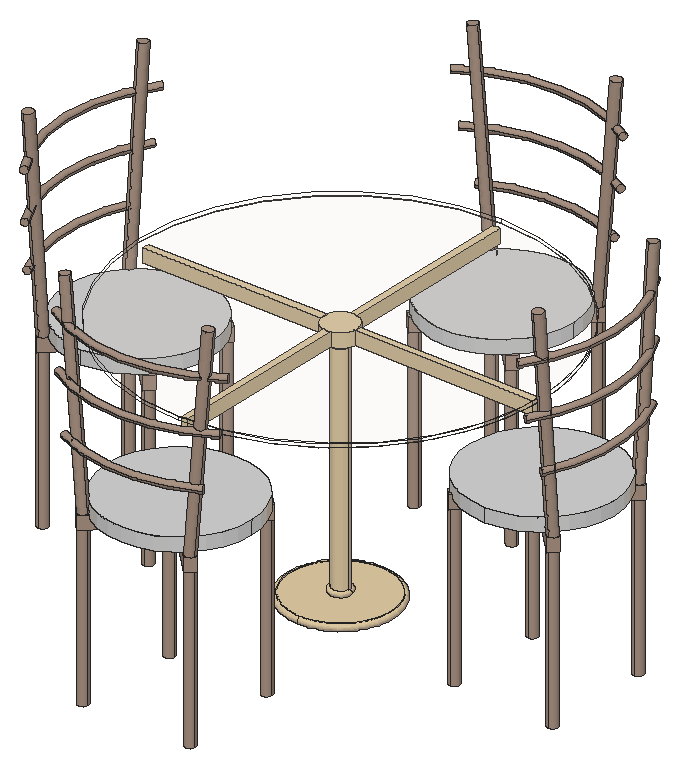
Revit family
Parameters (values of type "1200 mm dia")
  t1 = Table Dining-Circular (NZ) : 1200 mm dia
  r1 = 600 mm
  Assembly Code = ""
Types (2, lengths in mm): name | t1 | r1
  1200 mm dia | Table Dining-Circular (NZ) : 1200 mm dia | 600
  1000 mm dia | Table Dining-Circular (NZ) : 1000 mm dia | 500
Reference planes
  plane 1 "Center (Front/Back)": y = 0
  plane 2: z = 0
  plane 3 "Center (Left/Right)": x = 0
  plane 4: x = -600
  plane 5: y = 600
  plane 6: x = 600
  plane 7: y = -600
Dimensions and locks
  "r1": plane 3 "Center (Left/Right)" to plane 6
  "r1": plane 1 "Center (Front/Back)" to plane 5
  "r1": plane 4 to plane 3 "Center (Left/Right)"
  "r1": plane 7 to plane 1 "Center (Front/Back)"
  aligned and locked: plane 3 "Center (Left/Right)" to nested 2
  aligned and locked: plane 1 "Center (Front/Back)" to nested 5
  aligned and locked: nested 3 to plane 3 "Center (Left/Right)"
  aligned and locked: plane 7 to nested 3
  aligned and locked: plane 6 to nested 5
  aligned and locked: nested 2 to plane 5
  aligned and locked: nested 4 to plane 4
Nested families
  nested 1: "Table Dining-Circular (NZ)" at (0, 0, 0), type <- "t1", type "1200 mm dia"
  nested 2: "Chair 01 (NZ)" at (0, 600, 0), type "430 mm dia"
  nested 3: "Chair 01 (NZ)" at (0, -600, 0), type "430 mm dia"
  nested 4: "Chair 01 (NZ)" at (-600, 0, 0) x (0, 1, 0) z (0, 0, 1), type "430 mm dia"
  nested 5: "Chair 01 (NZ)" at (600, 0, 0) x (0, 1, 0) z (0, 0, 1), type "430 mm dia"
Definition of nested family "Table Dining-Circular (NZ)"
  Parameters (values of type "1200 mm dia")
    Top Material = Glass - Top
    Base Material = Wood
    Height = 750 mm
    Diameter-Base = 300 mm
    Diameter-Glass = 1200 mm
  Types (3, lengths in mm): name | Diameter-Glass
    (no name) | 1200
    1000 mm dia | 1000
    1200 mm dia | 1200
  Reference planes
    plane 1 "Center (Front/Back)": y = 0
    plane 2: z = 0
    plane 3 "Center (Left/Right)": x = 0
    plane 4: x = -600
    plane 5: x = 600
    plane 6: y = 600
    plane 7: y = -600
    plane 8: z = 750
    plane 9: y = 150
    plane 10: y = -150
    plane 11: x = -150
    plane 12: x = 150
    plane 13 "Mask Level": z = 650
  Forms (mm)
    Extrusion 1, solid, material "Glass - Top" <- "Top Material"
      sketch origin (0, 0, 750) x (0, 1, 0) y (-1, 0, 0)
        loop
          circle (0, 0) r 600
      from 0 to -12
    Extrusion 2, solid, material "Wood" <- "Base Material"
      sketch origin (0, 0, 750) x (0, 1, 0) y (-1, 0, 0)
        loop
          circle (0, 0) r 50
      from -12 to -52
    Extrusion 3, solid, material "Wood" <- "Base Material"
      sketch origin (0, 0, 0) x (1, 0, 0) y (0, 1, 0)
        loop
          circle (0, 0) r 150
      from 0 to 20
    Extrusion 4, solid, material "Wood" <- "Base Material"
      sketch origin (0, 0, 0) x (1, 0, 0) y (0, 1, 0)
        loop
          circle (0, 0) r 24.87
      from 20 to 698
    Sweep 5, solid, material "Wood" <- "Base Material"
      path in 3D
        loop
          arc (0, 150, 20) -> (150, 0, 20) -> (0, -150, 20) r 150
          arc (0, -150, 20) -> (-150, 0, 20) -> (0, 150, 20) r 150
      profile origin (0, 0, 0) x (-1, 0, 0) y (0, 0, 1)
        loop
          line (150, 20) -> (150, 0)
          arc (150, 0) -> (160, 10) -> (150, 20) r 10
    Sweep 6, solid, material "Wood" <- "Base Material"
      path in 3D
        loop
          arc (24.87, 0, 698) -> (0, -24.87, 698) -> (-24.87, 0, 698) r 24.87
          arc (-24.87, 0, 698) -> (0, 24.87, 698) -> (24.87, 0, 698) r 24.87
      profile origin (0, 0, 0) x (0, 1, 0) y (0, 0, 1)
        loop
          line (24.87, 698) -> (24.87, 682.551)
          arc (24.87, 682.551) -> (32.594, 690.275) -> (24.87, 698) r 7.725
    Sweep 7, solid, material "Wood" <- "Base Material"
      path in 3D
        loop
          arc (24.87, 0, 698) -> (0, -24.87, 698) -> (-24.87, 0, 698) r 24.87
          arc (-24.87, 0, 698) -> (0, 24.87, 698) -> (24.87, 0, 698) r 24.87
      profile origin (0, 0, 0) x (0, 1, 0) y (0, 0, 1)
        loop
          arc (24.87, 20) -> (32.582, 27.713) -> (24.87, 35.425) r 7.713
          line (24.87, 35.425) -> (24.87, 20)
    Extrusion 8, solid, material "Wood" <- "Base Material"
      sketch origin (0, 0, 750) x (0, 1, 0) y (-1, 0, 0)
        loop
          line (578.939, 10) -> (51.191, 10)
          arc (51.191, 10) -> (50.628, -0.029) -> (49.41, -10) r 153.253
          line (49.41, -10) -> (578.939, -10)
          arc (578.939, -10) -> (580, 0) -> (578.939, 10) r 47.662
      from -12 to -52
    Extrusion 9, solid, material "Wood" <- "Base Material"
      sketch origin (0, 0, 750) x (0, -1, 0) y (1, 0, 0)
        loop
          arc (578.939, -10) -> (580, 0) -> (578.939, 10) r 47.662
          line (578.939, 10) -> (48.09, 10)
          arc (48.09, 10) -> (48.365, -0.002) -> (47.987, -10) r 153.253
          line (47.987, -10) -> (578.939, -10)
      from -12 to -52
    Extrusion 10, solid, material "Wood" <- "Base Material"
      sketch origin (0, 0, 750) x (0, 1, 0) y (-1, 0, 0)
        loop
          line (10, -579.456) -> (10, -47.535)
          arc (10, -47.535) -> (0.004, -48.047) -> (-10, -47.72) r 119.448
          line (-10, -47.72) -> (-10, -579.456)
          arc (-10, -579.456) -> (0, -580.308) -> (10, -579.456) r 59.12
      from -12 to -52
    Extrusion 11, solid, material "Wood" <- "Base Material"
      sketch origin (0, 0, 750) x (0, 1, 0) y (-1, 0, 0)
        loop
          arc (10, 579.456) -> (0, 580.308) -> (-10, 579.456) r 59.12
          line (-10, 579.456) -> (-10, 49.853)
          arc (-10, 49.853) -> (0.012, 49.976) -> (10, 49.259) r 119.448
          line (10, 49.259) -> (10, 579.456)
      from -12 to -52
  Lines and regions (mm)
    Masking region 1
      outline origin (0, 0, 650) x (-1, 0, 0) y (0, -1, 0)
        loop
          circle (0, 0) r 600
    sketch lines
      curve 1: arc (0, -150, 20) -> (-150, 0, 20) -> (0, 150, 20) r 150
      curve 2: arc (0, 150, 20) -> (150, 0, 20) -> (0, -150, 20) r 150
      curve 3: arc (-24.87, 0, 698) -> (0, 24.87, 698) -> (24.87, 0, 698) r 24.87
      curve 4: arc (24.87, 0, 698) -> (0, -24.87, 698) -> (-24.87, 0, 698) r 24.87
      curve 5: arc (-24.87, 0, 698) -> (0, 24.87, 698) -> (24.87, 0, 698) r 24.87
      curve 6: arc (24.87, 0, 698) -> (0, -24.87, 698) -> (-24.87, 0, 698) r 24.87
    symbolic lines
      curve 7: arc (0, 600, 0) -> (-600, 0, 0) -> (0, -600, 0) r 600
      curve 8: arc (0, 600, 0) -> (-600, 0, 0) -> (0, -600, 0) r 600
      curve 9: arc (0, -600, 0) -> (600, 0, 0) -> (0, 600, 0) r 600
    symbolic lines, detail levels medium+fine
      curve 10: arc (0, 150, 0) -> (-150, 0, 0) -> (0, -150, 0) r 150
      curve 11: arc (0, -150, 0) -> (150, 0, 0) -> (0, 150, 0) r 150
  Dimensions and locks
    equal spacing: plane 4, plane 3 "Center (Left/Right)", plane 5
    "Diameter-Glass": plane 4 to plane 5
    equal spacing: plane 7, plane 1 "Center (Front/Back)", plane 6
    "Diameter-Glass": plane 7 to plane 6
    equal spacing: plane 9, plane 1 "Center (Front/Back)", plane 10
    "Diameter-Base": plane 9 to plane 10
    equal spacing: plane 11, plane 3 "Center (Left/Right)", plane 12
    "Diameter-Base": plane 11 to plane 12
    "Height": plane 8 to level
    plane 8 to plane 13 "Mask Level" = 100 mm
    aligned and locked: plane 6 to Extrusion 1 sketch curve
    aligned and locked: plane 7 to Extrusion 1 sketch curve
    aligned and locked: plane 3 "Center (Left/Right)" to Extrusion 2 sketch curve
    aligned and locked: Extrusion 2 to Extrusion 1
    aligned and locked: Extrusion 4 to Extrusion 2
    aligned and locked: Extrusion 4 to Extrusion 3
    aligned and locked: Extrusion 3 to level
    aligned and locked: profile plane to Sweep 5 sketch curve
    aligned and locked: Extrusion 2 to Sweep 6 sketch curve
    aligned and locked: profile plane to Sweep 6 sketch curve
    aligned and locked: Sweep 7 sketch curve to Extrusion 4
    aligned and locked: Extrusion 8 sketch curve to Extrusion 8 sketch curve
    aligned and locked: Extrusion 9 sketch curve to Extrusion 9 sketch curve
    aligned and locked: Extrusion 11 to Extrusion 1
    aligned and locked: Extrusion 10 to Extrusion 1
    aligned and locked: Extrusion 10 to Extrusion 2
    aligned and locked: Extrusion 2 to Extrusion 11
    aligned and locked: Extrusion 8 to Extrusion 2
    aligned and locked: Extrusion 8 to Extrusion 1
    aligned and locked: Extrusion 2 to Extrusion 9
    aligned and locked: Extrusion 9 to Extrusion 1
    aligned and locked: curve 7 to Extrusion 1
  Automatic sketch dimensions
    Extrusion 1 sketch curve to plane 3 "Center (Left/Right)" = 0 mm
    Extrusion 2 sketch curve to plane 1 "Center (Front/Back)" = 0 mm
    Extrusion 4 sketch curve to plane 1 "Center (Front/Back)" = 0 mm
    Extrusion 4 sketch curve to plane 3 "Center (Left/Right)" = 0 mm
    Sweep 5 sketch curve to Sweep 5 sketch curve = 10 mm
    Sweep 6 sketch curve to Sweep 6 sketch curve = 7.725 mm
    Sweep 7 sketch curve to profile plane = 0 mm
    Sweep 7 sketch curve to Sweep 7 sketch curve = 7.713 mm
    Extrusion 8 sketch curve to plane 3 "Center (Left/Right)" = 0 mm
    plane 1 "Center (Front/Back)" to Extrusion 8 sketch curve = 102.02 mm
    Extrusion 8 sketch curve to plane 9 = 98.809 mm
    plane 6 to Extrusion 8 sketch curve = 21.061 mm
    plane 3 "Center (Left/Right)" to Extrusion 8 sketch curve = 10 mm
    Extrusion 8 sketch curve to Extrusion 8 sketch curve = 1.781 mm
    Extrusion 8 sketch curve to Extrusion 8 sketch curve = 46.602 mm
    plane 3 "Center (Left/Right)" to Extrusion 9 sketch curve = 0.784 mm
    Extrusion 9 sketch curve to plane 3 "Center (Left/Right)" = 0 mm
    Extrusion 9 sketch curve to plane 1 "Center (Front/Back)" = 104.886 mm
    plane 10 to Extrusion 9 sketch curve = 102.013 mm
    Extrusion 9 sketch curve to plane 7 = 67.662 mm
    Extrusion 9 sketch curve to plane 3 "Center (Left/Right)" = 10 mm
    Extrusion 9 sketch curve to plane 7 = 21.061 mm
    Extrusion 10 sketch curve to plane 1 "Center (Front/Back)" = 0 mm
    plane 1 "Center (Front/Back)" to Extrusion 10 sketch curve = 1.099 mm
    Extrusion 10 sketch curve to plane 12 = 102.28 mm
    plane 1 "Center (Front/Back)" to Extrusion 10 sketch curve = 10 mm
    Extrusion 10 sketch curve to plane 1 "Center (Front/Back)" = 10 mm
    Extrusion 10 sketch curve to plane 5 = 78.811 mm
    Extrusion 10 sketch curve to plane 5 = 20.544 mm
    Extrusion 10 sketch curve to plane 3 "Center (Left/Right)" = 71.396 mm
    Extrusion 11 sketch curve to plane 1 "Center (Front/Back)" = 0 mm
    plane 1 "Center (Front/Back)" to Extrusion 11 sketch curve = 3.539 mm
    plane 11 to Extrusion 11 sketch curve = 100.147 mm
    plane 1 "Center (Front/Back)" to Extrusion 11 sketch curve = 10 mm
    Extrusion 11 sketch curve to plane 1 "Center (Front/Back)" = 10 mm
    plane 3 "Center (Left/Right)" to Extrusion 11 sketch curve = 69.419 mm
    plane 4 to Extrusion 11 sketch curve = 78.811 mm
    plane 4 to Extrusion 11 sketch curve = 20.544 mm
    curve 10 to plane 3 "Center (Left/Right)" = 0 mm
    curve 11 to plane 1 "Center (Front/Back)" = 0 mm
    curve 11 to plane 10 = 0 mm
    curve 8 to plane 1 "Center (Front/Back)" = 0 mm
    curve 8 to plane 3 "Center (Left/Right)" = 0 mm
    curve 8 to plane 7 = 0 mm
    Extrusion 2 sketch curve to Extrusion 2 sketch curve = 50 mm
    Extrusion 3 sketch curve to Extrusion 3 sketch curve = 0 mm  (x2)
    Extrusion 3 sketch curve to plane 3 "Center (Left/Right)" = 0 mm
    Extrusion 3 sketch curve to plane 1 "Center (Front/Back)" = 0 mm
    Extrusion 3 sketch curve to Extrusion 3 sketch curve = 150 mm
    Masking region 1 sketch curve to Masking region 1 sketch curve = 0 mm  (x2)
    Masking region 1 sketch curve to plane 3 "Center (Left/Right)" = 0 mm
    Masking region 1 sketch curve to plane 6 = 0 mm
    Masking region 1 sketch curve to plane 1 "Center (Front/Back)" = 0 mm
    radius of Extrusion 4 sketch curve = 24.87 mm
Definition of nested family "Chair 01 (NZ)"
  Parameters (values of type "430 mm dia")
    Chair Material = Teak
    Upholstry Material = Cushion
    Assembly Code = ""
  Reference planes
    plane 1 "Center (Front/Back)": y = 0
    plane 2: z = 0
    plane 3 "Center (Left/Right)": x = 0
    plane 4: y = 158.862
    plane 5 "Seat Top": z = 549.714
  Forms (mm)
    Extrusion 1, solid, material "Cushion" <- "Upholstry Material"
      sketch origin (0, 0.01, 0) x (1, 0, 0) y (0, 1, 0)
        loop
          circle (0, 0) r 215
      from 509.714 to 549.714
    Extrusion 2, solid, material "Teak" <- "Chair Material"
      sketch origin (0, 0.01, 0) x (1, 0, 0) y (0, 1, 0)
        loop
          line (-166.17, -144.957) -> (-144.957, -166.17) -> (0, -21.213) -> (144.957, -166.17) -> (166.17, -144.957) -> (21.213, 0) -> (180.312, 159.099) -> (159.099, 180.312) -> (0, 21.213) -> (-159.099, 180.312) -> (-180.312, 159.099) -> (-21.213, 0) -> (-166.17, -144.957)
      from 509.714 to 469.714
    Extrusion 3, solid, material "Teak" <- "Chair Material"
      sketch origin (0, 0.01, 0) x (1, 0, 0) y (0, 1, 0)
        loop
          circle (-159.293, 158.906) r 15
        loop
          circle (-145.152, -144.765) r 15
        loop
          circle (145.152, -144.765) r 15
        loop
          circle (159.293, 158.906) r 15
      from 0 to 469.714
    Sweep 4, solid, material "Teak" <- "Chair Material"
      path origin (0, -41.153, 0) x (1, 0, 0) y (0, 1, 0)
        loop
          arc (-232.176, 136.96) -> (-2.745, 209.3) -> (226.686, 136.96) r 400
      profile origin (-2.745, 0, 0) x (0, 1, 0) y (0, 0, 1)
        loop
          circle (215.189, 1000) r 10
    Sweep 5, solid, material "Teak" <- "Chair Material"
      path origin (0, -41.153, -150) x (1, 0, 0) y (0, 1, 0)
        loop
          arc (-217.665, 146.656) -> (-2.745, 209.3) -> (212.175, 146.656) r 400
      profile origin (-2.745, 0, 0) x (0, 1, 0) y (0, 0, 1)
        loop
          circle (215.189, 850) r 10
    Sweep 6, solid, material "Teak" <- "Chair Material"
      path origin (0, -41.153, -300) x (1, 0, 0) y (0, 1, 0)
        loop
          arc (-187.444, 164.104) -> (-2.745, 209.3) -> (181.955, 164.104) r 400
      profile origin (-2.745, 0, 0) x (0, 1, 0) y (0, 0, 1)
        loop
          circle (215.189, 700) r 10
    Sweep 7, solid, material "Teak" <- "Chair Material"
      path origin (49.733, 158.862, 1.048) x (1, 0, 0) y (0, 0, 1)
        loop
          line (109.745, 508.667) -> (163.781, 1126.307)
      profile origin (72.485, 0, 828.509) x (-0.996195, 0, 0.087156) y (0, -1, 0)
        loop
          circle (-114.447, -158.862) r 15
    Sweep 8, solid, material "Teak" <- "Chair Material"
      path origin (-49.733, 158.862, 1.048) x (-1, 0, 0) y (0, 0, -1)
        loop
          line (109.745, -508.667) -> (163.781, -1126.307)
      profile origin (-72.485, 0, 828.509) x (0.996195, 0, 0.087156) y (0, 1, 0)
        loop
          circle (-114.447, 158.862) r 15
  Lines and regions (mm)
    Masking region 1
      outline origin (0, 0, 549.714) x (-1, 0, 0) y (0, -1, 0)
        loop
          circle (0, -0.01) r 215
    symbolic lines
      curve 1: arc (-264.894, 142.534, 0) -> (-2.745, 225.189, 0) -> (259.404, 142.534, 0) r 457.043
      curve 2: arc (247.933, 126.151, 0) -> (-2.745, 205.189, 0) -> (-253.423, 126.151, 0) r 437.043
      curve 3: line (-264.894, 142.534, 0) -> (-253.423, 126.151, 0)
      curve 4: line (259.404, 142.534, 0) -> (247.933, 126.151, 0)
  Dimensions and locks
    radius of Extrusion 1 = 215 mm
    aligned and locked: Extrusion 2 sketch curve to Extrusion 2 sketch curve  (x2)
    aligned and locked: Extrusion 3 to Extrusion 2
    aligned and locked: Extrusion 1 to Extrusion 2
